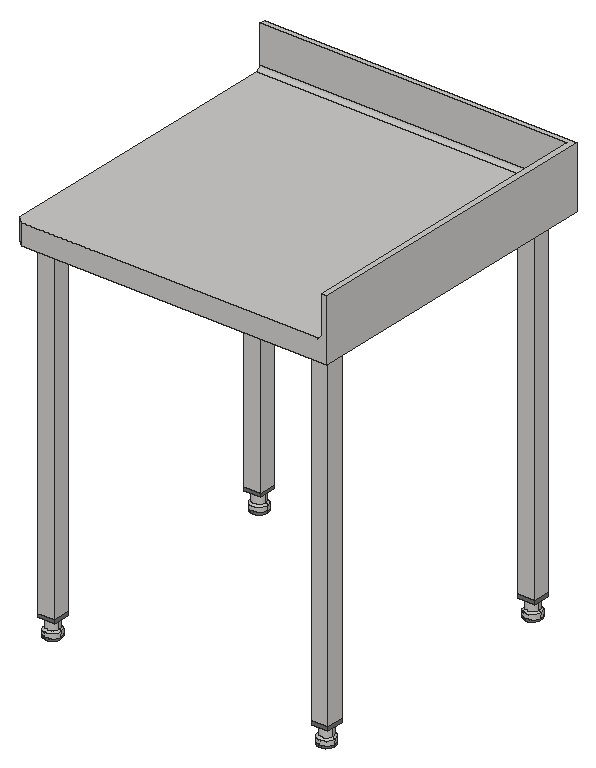
Revit family "QF_ELECTROLUXPROFESSIONAL_134022_GTGAE", category Attrezzature speciali, Revit 2020
Family settings
  Quota connettore circolare = Usa diametro
  Tipo di parte = Normale
  Basato su piano di lavoro = No
  Sempre verticale = Sì
  Taglio con vuoti quando caricato = No
  Condiviso = No
  Punto di calcolo locali = No
Parameters (values of type "Standard")
  Weight = 24.00 kg
  Watts = 0 W
  Volts = 0 V
  URL Manufacturer = "https://www.electroluxprofessional.com/"
  URL = "https://www.electroluxprofessional.com/"
  Steam Supply Size = 0 mm
  Steam Supply Minimum Pressure = 0.0 Pa
  Steam Supply Maximum Pressure = 0.0 Pa
  Steam Consumption per Hour = 0
  Refrigeration Suction Line Size = 0.0 mm
  Refrigeration Liquid Line Size = 0.0 mm
  Refrigerant Compressor Remote = yes
  Prospetto di default = 0.0 mm
  Phase = 0
  Modello = "GTGAE"
  Produttore = "Electrolux Professional"
  Length Actual = 750.0 mm  # constant formula
  Item Number = "134022"
  Hot Water Size = 0 mm
  Height Actual = 1000.0 mm  # constant formula
  HP = "0 HP"
  Gas Size = 0 mm
  Gas KW = 0
  Gas Input Pressure = 0 W
  Direct Waste Size = 0 mm
  Descrizione = "CORNER TYPE WORK TABLE WITH UPSTAND"
  Depth Actual = 750.0 mm  # constant formula
  Cycle = 0 Hz
  Condensate Return Size = 0 mm
  Compressed Air Volume = 0.0 L/s
  Compressed Air Size = 0 mm
  Compressed Air Pressure = 0.0 Pa
  Cold Water Size = 0 mm
  Accessory = yes
Reference planes
  plane 1 "Center (Front/Back)": y = 0
  plane 2: z = 0
  plane 3 "Center (Left/Right)": x = 0
  plane 4 "LEFT": x = -375
  plane 5 "RIGHT": x = 375
  plane 6 "BACK": y = 375
  plane 7 "FRONT": y = -375
  plane 8 "Base": z = 850
  plane 9 "TOP": z = 900
  plane 10: x = -324
  plane 11: x = 334
  plane 12: y = 295
  plane 13: y = -325
  plane 14: z = 1000
Forms (mm)
  Extrusion 1, solid, material "QF_Finishes_Stainless Steel"
    sketch origin (0, 0, 0) x (0, 1, 0) y (0, 0, 1)
      loop
        line (375, 900) -> (375, 1000) -> (362, 1000) -> (362, 910)
        arc (362, 910) -> (359.071, 902.929) -> (352, 900) r 10
        line (352, 900) -> (375, 900)
    from 375 to -375
  Extrusion 2, solid, material "QF_Finishes_Stainless Steel"
    sketch origin (0, 0, -100) x (1, 0, 0) y (0, 0, 1)
      loop
        line (375, 1000) -> (375, 1100) -> (362, 1100) -> (362, 1010)
        arc (362, 1010) -> (359.071, 1002.929) -> (352, 1000) r 10
        line (352, 1000) -> (375, 1000)
    from 375 to -375
  Extrusion 3, solid, material "QF_Finishes_Stainless Steel"
    sketch origin (0, 0, 850) x (0, 1, 0) y (-1, 0, 0)
      loop
        line (-375, 358.5) -> (-375, -375) -> (375, -375) -> (375, 375) -> (-359.5, 375) -> (-375, 358.5)
    from 0 to 50
Cuts and joins
  joined: Extrusion 1, Extrusion 2, Extrusion 3
Lines and regions (mm)
  symbolic lines
    curve 1: line (375, 375, 900) -> (-375, 375, 900)
    curve 2: line (-375, 375, 900) -> (-375, -359.5, 900)
    curve 3: line (-358.5, -375, 900) -> (375, -375, 900)
    curve 4: line (375, -375, 900) -> (375, 375, 900)
    curve 5: line (362, 362, 900) -> (-375, 362, 900)
    curve 6: line (362, 362, 900) -> (362, -375, 900)
    curve 7: line (-375, -359.5, 900) -> (-358.5, -375, 900)
Dimensions and locks
  plane 4 "LEFT" to plane 5 "RIGHT" = 750.0 mm
  equal spacing: plane 4 "LEFT", plane 3 "Center (Left/Right)", plane 5 "RIGHT"
  equal spacing: plane 6 "BACK", plane 1 "Center (Front/Back)", plane 7 "FRONT"
  plane 6 "BACK" to plane 7 "FRONT" = 750.0 mm
  plane 6 "BACK" to plane 12 = 80.0 mm
  plane 13 to plane 7 "FRONT" = 50.0 mm
  plane 4 "LEFT" to plane 10 = 51.0 mm
  plane 11 to plane 5 "RIGHT" = 41.0 mm
  plane 10 to plane 11 = 658.0 mm
  plane 12 to plane 13 = 620.0 mm
  plane 6 "BACK" to plane 12 to plane 13 to plane 7 "FRONT" = 80.0 mm, 620.0 mm, 50.0 mm
  plane 5 "RIGHT" to plane 11 to plane 10 to plane 4 "LEFT" = 41.0 mm, 658.0 mm, 51.0 mm
  nested 2 to nested 1 = 618.0 mm
  locked: plane 8 "Base" to level at 850
  cut or joined group of Extrusion 1, Extrusion 2, Extrusion 3 to plane 9 "TOP" = 100.0 mm
  plane 9 "TOP" to plane 8 "Base" = 50.0 mm
  locked: plane 14 to level at 1000
  aligned and locked: level to plane 2
  aligned and locked: plane 10 to nested 1
  aligned and locked: nested 1 to plane 13
  aligned and locked: plane 11 to nested 2
  aligned and locked: nested 2 to plane 13
  aligned and locked: plane 11 to nested 4
  aligned and locked: nested 4 to plane 12
  aligned and locked: plane 10 to nested 3
  aligned and locked: nested 3 to plane 12
  aligned and locked: Extrusion 1 to plane 4 "LEFT"
  aligned and locked: plane 5 "RIGHT" to Extrusion 1
  aligned and locked: plane 6 "BACK" to Extrusion 2
  aligned and locked: Extrusion 2 to plane 7 "FRONT"
  aligned and locked: Extrusion 3 sketch curve to plane 4 "LEFT"
  aligned and locked: plane 6 "BACK" to Extrusion 3 sketch curve
  aligned and locked: plane 5 "RIGHT" to Extrusion 3 sketch curve
  aligned and locked: plane 9 "TOP" to cut or joined group of Extrusion 1, Extrusion 2, Extrusion 3
  aligned and locked: cut or joined group of Extrusion 1, Extrusion 2, Extrusion 3 to plane 4 "LEFT"
  aligned and locked: plane 5 "RIGHT" to cut or joined group of Extrusion 1, Extrusion 2, Extrusion 3
  aligned and locked: plane 6 "BACK" to cut or joined group of Extrusion 1, Extrusion 2, Extrusion 3
  aligned and locked: cut or joined group of Extrusion 1, Extrusion 2, Extrusion 3 to plane 7 "FRONT"
Automatic sketch dimensions
  Extrusion 1 sketch curve to plane 9 "TOP" = 0.0 mm
  Extrusion 1 sketch curve to plane 6 "BACK" = 0.0 mm
  Extrusion 1 sketch curve to plane 6 "BACK" = 13.0 mm
  Extrusion 1 sketch curve to Extrusion 1 sketch curve = 10.0 mm
  Extrusion 1 sketch curve to Extrusion 1 sketch curve = 90.0 mm
  Extrusion 2 sketch curve to plane 5 "RIGHT" = 0.0 mm
  Extrusion 2 sketch curve to plane 5 "RIGHT" = 13.0 mm
  Extrusion 2 sketch curve to Extrusion 2 sketch curve = 10.0 mm
  plane 9 "TOP" to Extrusion 2 sketch curve = 0.0 mm
  Extrusion 2 sketch curve to Extrusion 2 sketch curve = 90.0 mm
  Extrusion 3 sketch curve to plane 7 "FRONT" = 0.0 mm
  Extrusion 3 sketch curve to plane 13 = 34.5 mm
  Extrusion 3 sketch curve to plane 10 = 34.5 mm
  curve 4 to plane 5 "RIGHT" = 0.0 mm
  curve 4 to plane 7 "FRONT" = 0.0 mm
  curve 2 to plane 4 "LEFT" = 0.0 mm
  curve 4 to plane 6 "BACK" = 0.0 mm
  curve 5 to plane 6 "BACK" = 13.0 mm
  curve 6 to plane 5 "RIGHT" = 13.0 mm
  curve 2 to plane 13 = 34.5 mm
  curve 3 to plane 10 = 34.5 mm
Nested families
  nested 1: "FEET_40x40_APP42" at (-324, -325, 0), type "FEET_40x40_APP42"
  nested 2: "FEET_40x40_APP42" at (334, -325, 0), type "FEET_40x40_APP42"
  nested 3: "FEET_40x40_APP42" at (-324, 295, 0), type "FEET_40x40_APP42"
  nested 4: "FEET_40x40_APP42" at (334, 295, 0), type "FEET_40x40_APP42"
Definition of nested family "FEET_40x40_APP42"
  Parameters
    Default Elevation = 0.0 mm
    FEET = 850.0 mm
  Reference planes
    plane 1 "Center (Front/Back)": y = 0
    plane 2: z = 0
    plane 3 "Center (Left/Right)": x = 0
    plane 4: z = 850
  Forms (mm)
    Extrusion 1, solid
      sketch origin (0, 0, 0) x (1, 0, 0) y (0, 1, 0)
        loop
          line (-20, -20) -> (20, -20) -> (20, 20) -> (-20, 20) -> (-20, -20)
      from 50 to 845
    Extrusion 2, solid
      sketch origin (0, 0, 0) x (1, 0, 0) y (0, 1, 0)
        loop
          circle (0, 0) r 20
      from 0 to 5
    Extrusion 3, solid
      sketch origin (0, 0, 0) x (1, 0, 0) y (0, 1, 0)
        loop
          line (30, 30) -> (-30, 30) -> (-30, -30) -> (30, -30) -> (30, 30)
      from 845 to 850
    Extrusion 4, solid
      sketch origin (0, 0, 0) x (1, 0, 0) y (0, 1, 0)
        loop
          line (-20, -20) -> (20, -20) -> (20, 20) -> (-20, 20) -> (-20, -20)
      from 50 to 42
    Revolve 5, solid
      sketch origin (0, 0, 0) x (1, 0, 0) y (0, 0, 1)
        loop
          line (0, 42) -> (-15, 42) -> (-15, 20) -> (-20, 15) -> (-20, 5) -> (0, 5) -> (0, 42)
        axis (0, 42) -> (0, 5)
      angle from 0 to 360
  Lines and regions (mm)
    symbolic lines
      curve 1: line (0, -1.503, 0) -> (0, 1.508, 0)
      curve 2: line (1.561, 0, 0) -> (-1.439, 0, 0)
  Dimensions and locks
    "FEET": plane 4 to plane 2
    aligned and locked: level to plane 2
  Automatic sketch dimensions
    plane 1 "Center (Front/Back)" to curve 2 = 0.0 mm
    curve 1 to plane 3 "Center (Left/Right)" = 0.0 mm
    curve 2 to plane 3 "Center (Left/Right)" = 1.439 mm
    plane 3 "Center (Left/Right)" to curve 2 = 1.561 mm
    plane 1 "Center (Front/Back)" to curve 1 = 1.503 mm
    curve 1 to plane 1 "Center (Front/Back)" = 1.508 mm
    Extrusion 1 sketch curve to plane 3 "Center (Left/Right)" = 20.0 mm
    plane 3 "Center (Left/Right)" to Extrusion 1 sketch curve = 20.0 mm
    plane 1 "Center (Front/Back)" to Extrusion 1 sketch curve = 20.0 mm
    Extrusion 1 sketch curve to plane 1 "Center (Front/Back)" = 20.0 mm
    plane 1 "Center (Front/Back)" to Extrusion 2 sketch curve = 0.0 mm
    Extrusion 2 sketch curve to plane 3 "Center (Left/Right)" = 0.0 mm
    Extrusion 3 sketch curve to plane 3 "Center (Left/Right)" = 30.0 mm
    plane 3 "Center (Left/Right)" to Extrusion 3 sketch curve = 30.0 mm
    plane 1 "Center (Front/Back)" to Extrusion 3 sketch curve = 30.0 mm
    Extrusion 3 sketch curve to plane 1 "Center (Front/Back)" = 30.0 mm
    Extrusion 4 sketch curve to plane 3 "Center (Left/Right)" = 20.0 mm
    plane 3 "Center (Left/Right)" to Extrusion 4 sketch curve = 20.0 mm
    plane 1 "Center (Front/Back)" to Extrusion 4 sketch curve = 20.0 mm
    Extrusion 4 sketch curve to plane 1 "Center (Front/Back)" = 20.0 mm
    Revolve 5 sketch curve to plane 3 "Center (Left/Right)" = 0.0 mm  (x2)
    Revolve 5 sketch curve to plane 3 "Center (Left/Right)" = 15.0 mm
    Revolve 5 sketch curve to Revolve 5 sketch curve = 5.0 mm  (x3)
    level to Revolve 5 sketch curve = 5.0 mm
    Revolve 5 sketch curve to Revolve 5 sketch curve = 10.0 mm
    Revolve 5 sketch curve to Revolve 5 sketch curve = 22.0 mm
    Revolve 5 sketch curve to level = 9.561 mm
    radius of Extrusion 2 sketch curve = 20.0 mm
